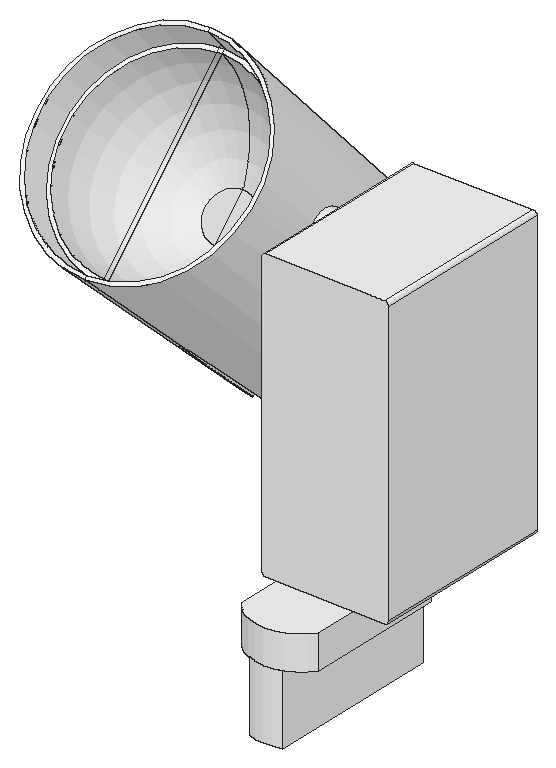
Revit family "0004860 Feilo Sylvania Lighting Fixture START TRACK SPOT S 14W 3K RA90 MB WHITE", category Lighting Fixtures, host Face, Revit 2017
Family settings
  Host = Face
  Round Connector Dimension = Use Diameter
  Part Type = Normal
  OmniClass Number = 23.80.70.00
  OmniClass Title = Lighting
  Cut with Voids When Loaded = No
  Light Source = No
  Shared = No
  Room Calculation Point = No
Parameters (values of type "0004860 START TRACK SPOT S 14W 3K RA90 MB WHITE")
  Weight = "0.94 kg"
  Wattage Comments = ""
  WarrantyStartDate [instance] = "n/a"
  WarrantyGuarantorParts = "n/a"
  WarrantyDurationUnit = "n/a"
  WarrantyDurationParts = "n/a"
  WarrantyDescription = "n/a"
  Voltage = 230 V
  URL = "http://www.sylvania-lighting.com"
  TypeName = "START TRACK SPOT S 14W 3K RA90 MB WHITE"
  TypeHead_FEILO = Start Track Spot Head : 0004860 START TRACK SPOT S 14W 3K RA90 MB WHITE
  TypeBox_FEILO = Start Track Spot Box : Type Small White
  Type Image = <None>
  Type Comments = "n/a"
  VerticalRotation_FEILO [instance] = 0.00°
  SlideEndAngle_FEILO [instance] = VerticalRotation_FEILO + 180.00°  # 180.00°
  SerialNumber [instance] = "n/a"
  Material_3_FEILO = none
  PowerFactor = 0.92
  PowerConsumption = "14 W"
  NominalLength = 0 mm
  NominalHeight = 200 mm
  NominalDepth = 140 mm
  Name = "START TRACK SPOT S 14W 3K RA90 MB WHITE"
  ModelReference = Name  # "START TRACK SPOT S 14W 3K RA90 MB WHITE"
  ModelNumber = "0004860"
  Model = Name  # "START TRACK SPOT S 14W 3K RA90 MB WHITE"
  Material = "adc12 aluminium housing, polycarbonate diffuser"
  ManufacturerName = "Feilo Sylvania"
  Manufacturer = "Feilo Sylvania"
  LuminousEfficacy = "90 lm/W"
  LuminaireType = ""
  LightOutputRatio = "100"
  LampsType = Lamp  # "LED"
  LampNominalLuminous = "1262 lm"
  LampMacAdamStep = "3"
  LampColourTemperature = "3000 K"
  LampColourRenderingIndex = "90"
  Lamp = "LED"
  Keynote = "16500"
  InstallationDate [instance] = "n/a"
  InputVoltage = "230-240V~"
  InputNominalFrequency = "50/60 Hz"
  IngressProtection = "IP20"
  ImpactProtectionIndex = "IK02"
  IfcExportType = "IfcLightFixtureType"
  IfcExportAs = "IfcLightFixtureType"
  HorizontalRotation_FEILO [instance] = 45.00°
  ExpectedLife = 50000
  ElectricShockClassification = "Class II"
  DurationUnit = "hours"
  DocumentationLiterature = "http://www.sylvania-lighting.com/product/en-int/products/0004860"
  DimmingControlOptions = "Non dimmable"
  Material_2_FEILO = none
  Description = "Integrated LED spotlight, Textured White - RAL9016, compact and minimalist design, ideal for retail applications, die-cast aluminium body, passive cooling heatsink. Beam angle: 36°, color temperature: 3000K , total system power: 14W, total fixture output: 1262 lm, LOR: 100%, colour rendering: Ra: 90 typical, LED Chromaticity: 3 step MacAdam ellipse, lifetime: >50000 hours at L70B50, energy class: A++, A+, A, IR/UV free light source without heat radiation, operating voltage: 220-240V / 50-60Hz, drive current: 350mA, electronic driver, non-dimmable, power factor: 0.92, electrical protection: Class II, Global Track 3 Phase adapter suitable for Global trac 3-circuit tracks, ingress protection rating: IP20, suitable for internal environment only, horizontal rotation: 355°, vertical tilt: 90°, dimensions: Ø86x140x200, weight: 0.940kg."
  Default Elevation = 1219.2 mm
  CreatedOn = "12/12/2017"
  CreatedBy = ""
  Cost = 0
  built-in parameter 1114216 [instance] = (empty or 0)
  ClassificationValue = "EF_70_80"
  ClassificationName = "Uniclass2015"
  Material_1_FEILO = Body-Sylvania-StartTrackSpot-White
  BarCode [instance] = "n/a"
  AssetType = "Fixed"
  AssetIdentifier [instance] = "n/a"
  Assembly Code = "D5020200"
  Apparent Load = 14 VA
  Material_4_FEILO = none
Reference planes
  plane 1 "Center (Front/Back)": y = 0
  plane 2: z = 0
  plane 3 "Center (Left/Right)": x = 0
  plane 4: x = 15
  plane 5: x = -15
  plane 6: y = 35
  plane 7: y = -35
  plane 8: z = 13
  plane 9: z = -27
  plane 10: x = 6.5
  plane 11: x = -6.5
  plane 12: y = 27
  plane 13: y = -27
  plane 14: y = 20
Forms (mm)
  Extrusion 1, solid, material "Body-Sylvania-StartTrackSpot-White" <- "Material_1_FEILO"
    sketch origin (0, 0, 0) x (1, 0, 0) y (0, 1, 0)
      loop
        line (-15, 27) -> (-15, -27)
        arc (-15, -27) -> (0, -35) -> (15, -27) r 18.062
        line (15, -27) -> (15, 27)
        arc (15, 27) -> (0, 35) -> (-15, 27) r 18.062
    from 0 to 13
  Extrusion 2, solid, material "Body-Sylvania-StartTrackSpot-White" <- "Material_1_FEILO"
    sketch origin (0, 0, 0) x (1, 0, 0) y (0, 1, 0)
      loop
        arc (6.5, 33.79) -> (0, 35) -> (-6.5, 33.79) r 18.062
        line (-6.5, 33.79) -> (-6.5, -33.79)
        arc (-6.5, -33.79) -> (0, -35) -> (6.5, -33.79) r 18.062
        line (6.5, -33.79) -> (6.5, 33.79)
    from 0 to -27
  Revolve 3, solid, not visible
    sketch origin (1524, 20, 1219.2) x (1, 0, 0) y (0, 0, 1)
      loop
        line (-1524, -1206.2) -> (-1524, -1191.285) -> (-1530.5, -1191.285) -> (-1530.5, -1206.2) -> (-1524, -1206.2)
      axis (-1524, -1191.285) -> (-1524, -1206.2)
    angle from 0 <- "VerticalRotation_FEILO" to 180 <- "SlideEndAngle_FEILO"
Cuts and joins
  joined: Extrusion 1, Extrusion 2
Dimensions and locks
  equal spacing: plane 10, plane 3 "Center (Left/Right)", plane 11
  equal spacing: plane 4, plane 3 "Center (Left/Right)", plane 5
  locked: plane 8 to plane 2 at 13
  locked: plane 8 to plane 9 at 40
  equal spacing: plane 13, plane 1 "Center (Front/Back)", plane 12
  locked: plane 12 to plane 6 at 8
  locked: plane 14 to plane 6 at 15
  locked: Revolve 3 sketch curve to plane 8 at 14.915
  aligned and locked: plane 2 to host face
  aligned and locked: level to host face
  aligned and locked: plane 5 to Extrusion 1 sketch curve  (x2)
  aligned and locked: plane 12 to Extrusion 1 sketch curve
  aligned and locked: plane 13 to Extrusion 1 sketch curve
  aligned and locked: plane 4 to Extrusion 1 sketch curve
  aligned and locked: Extrusion 1 to plane 8
  aligned and locked: Extrusion 1 to level
  aligned and locked: Extrusion 2 sketch curve to Extrusion 1  (x2)
  aligned and locked: Extrusion 2 sketch curve to plane 11
  aligned and locked: plane 10 to Extrusion 2 sketch curve
  aligned and locked: plane 9 to Extrusion 2
  aligned and locked: level to Extrusion 2
  aligned and locked: Revolve 3 sketch curve to plane 3 "Center (Left/Right)"  (x2)
  aligned and locked: plane 11 to Revolve 3 sketch curve
  aligned and locked: Revolve 3 sketch curve to plane 8
Automatic sketch dimensions
  host sketch curve to host sketch curve = 2438.4 mm  (x2)
  Extrusion 1 sketch curve to plane 3 "Center (Left/Right)" = 0 mm  (x2)
  Extrusion 1 sketch curve to plane 13 = 10.062 mm
  plane 12 to Extrusion 1 sketch curve = 10.062 mm
  Revolve 3 sketch curve to plane 3 "Center (Left/Right)" = 0 mm
  plane 9 to Revolve 3 sketch curve = 582.6 mm
  Revolve 3 sketch curve to Revolve 3 sketch curve = 2581.144 mm
Nested families
  nested 1: "Start Track Spot Head" at (-62, 20, 112.529) x (0, 0.7071, 0.7071) z (0, 0.7071, -0.7071), type <- "TypeHead_FEILO", type "0004860 START TRACK SPOT S 14W 3K RA90 MB WHITE"
    with built-in parameter 1114216 (empty or 0)
  nested 2: "Start Track Spot Box" at (8.5, 20, 73) x (-1, 0, 0) z (0, -1, 0), BoxStartAngle_FEILO <- "HorizontalRotation_FEILO", type <- "TypeBox_FEILO", type "Type Small White"
    with BoxStartAngle_FEILO 45.00°, BoxEndAngle_FEILO -135.00°
Connectors
  electrical at (0, 0, 0), driven by "Apparent Load", driven by "PowerFactor", driven by "Voltage"
    settings: index 1, voltage 230 V, apparent load 14 VA, apparent load phase1 0 VA, apparent load phase2 0 VA, apparent load phase3 0 VA, power factor 0.92, load classification "Lighting", number of poles 1, system type 30, power factor state 1, is connector primary yes, connector utility no, sub classification motor no, connector description ""
Definition of nested family "Start Track Spot Head"
  Parameters (values of type "0004811 START TRACK SPOT S 14W 3K RA80 NB WHITE")
    Wattage Comments = "n/a"
    Wattage = 14 W
    built-in parameter 1150110 = 1 (stored number, unit not read)
    URL = "http://www.feilosylvania.com"
    Type Image = (empty or 0)
    Type Comments = "n/a"
    built-in parameter 1114217 = 1 (stored number, unit not read)
    Tilt Angle = -90.00°
    built-in parameter 1150109 = 1 (stored number, unit not read)
    built-in parameter 1150134 = (empty or 0)
    built-in parameter 1150113 = 1 (stored number, unit not read)
    Photometric Web File = "0004811.ies"
    Material_3_FEILO = none
    Model = "START TRACK SPOT S 14W 3K RA80 NB WHITE"
    Manufacturer = "Feilo Sylvania"
    built-in parameter 1150105 = 123.66 (stored number, unit not read)
    Lumens = 1554 lm
    built-in parameter 1150115 = 1 (stored number, unit not read)
    built-in parameter 1150137 = (empty or 0)
    built-in parameter 1150139 = (empty or 0)
    built-in parameter 1150112 = 1 (stored number, unit not read)
    built-in parameter 1150114 = 1 (stored number, unit not read)
    Lamp = "LED"
    Keynote = "16500"
    Material_2_FEILO = none
    built-in parameter 1150132 = (empty or 0)
    built-in parameter 1150102 = (empty or 0)
    built-in parameter 1150107 = 3000 (stored number, unit not read)
    built-in parameter 1150138 = (empty or 0)
    built-in parameter 1150106 = 1.2366 (stored number, unit not read)
    HeadThickness_FEILO = if(HeadDiaOut_FEILO > 112 mm, 2 mm, 1.5 mm)  # 1.5 mm
    HeadRibOffset_FEILO = HeadHeight_FEILO / 28  # 4.179 mm
    HeadRibDepth_FEILO = HeadHeight_FEILO / 2.1  # 55.714 mm
    HeadRibCutWidth_FEILO = HeadDiaOut_FEILO / 12  # 7.167 mm
    HeadRibCutOffset_FEILO = HeadHeight_FEILO / 2.3  # 50.87 mm
    HeadReflectorRadius_FEILO = HeadDiaOut_FEILO / 1.7  # 50.588 mm
    HeadReflectorOffset_FEILO = HeadHeight_FEILO / 2.1  # 55.714 mm
    HeadLEDRadius_FEILO = HeadDiaOut_FEILO / 9  # 9.556 mm
    HeadHeight_FEILO = 117 mm
    HeadDraft_FEILO = 1 mm
    HeadDiffusorThickness_FEILO = 3 mm
    HeadDiffusorOffset_FEILO = HeadHeight_FEILO / 12.4  # 9.435 mm
    HeadDiaOut_FEILO = 86 mm
    HeadDiaIn_FEILO = HeadDiaOut_FEILO / 1.11  # 77.477 mm
    HeadAxisFromTop_FEILO = HeadHeight_FEILO / 1.687  # 69.354 mm
    Emit from Circle Diameter = HeadDiaIn_FEILO  # 77.477 mm
    Emit Shape Visible in Rendering = no
    built-in parameter 1150104 = 10.312 (stored number, unit not read)
    Dimming Lamp Color Temperature Shift = (empty or 0)
    Description = "Integrated LED spotlight, Textured White - RAL9016, compact and minimalist design, ideal for retail applications, die-cast aluminium body, passive cooling heatsink. Beam angle: 12°, color temperature: 3000K , total system power: 14W, total fixture output: 1551 lm, LOR: 100%, colour rendering: Ra: 80 typical, LED Chromaticity: 3 step MacAdam ellipse, lifetime: >50000 hours at L70B50, energy class: A++, A+, A, IR/UV free light source without heat radiation, operating voltage: 220-240V / 50-60Hz, drive current: 350mA, electronic driver, non-dimmable, power factor: 0.92, electrical protection: Class II, Global Track 3 Phase adapter suitable for Global trac 3-circuit tracks, ingress protection rating: IP20, suitable for internal environment only, horizontal rotation: 355°, vertical tilt: 90°, dimensions: Ø86x140x200, weight: 0.940kg."
    Default Elevation = 1219.2 mm
    Cost = 0
    Color Filter = 16777215
    built-in parameter 1114216 [instance] = (empty or 0)
    Material_1_FEILO = none
    built-in parameter 1114218 = 1 (stored number, unit not read)
    built-in parameter 1150133 = 10 (stored number, unit not read)
    Assembly Code = "D5020200"
    Apparent Load = 14 VA
    Material_4_FEILO = none
  Types (96, lengths in mm): name | Wattage | built-in parameter 1150134 | Photometric Web File | Model | built-in parameter 1150105 | Lumens | built-in parameter 1150107 | built-in parameter 1150106 | HeadThickness_FEILO | HeadRibOffset_FEILO | HeadRibDepth_FEILO | HeadRibCutWidth_FEILO | HeadRibCutOffset_FEILO | HeadReflectorRadius_FEILO | HeadReflectorOffset_FEILO | HeadLEDRadius_FEILO | HeadHeight_FEILO | HeadDiffusorOffset_FEILO | HeadDiaOut_FEILO | HeadDiaIn_FEILO | HeadAxisFromTop_FEILO | Emit from Circle Diameter | built-in parameter 1150104 | Description | Apparent Load
    0004906 START TRACK SPOT L 55W 4K RA90 WB BLACK | 55 W | 12 | "0004906.ies" | "START TRACK SPOT L 55W 4K RA90 WB BLACK" | 385.15 (stored number, unit not read) | 4840 lm | 4000 (stored number, unit not read) | 3.8515 (stored number, unit not read) | 2 | 4.429 | 59.048 | 9.417 | 53.913 | 66.471 | 59.048 | 12.556 | 124 | 10 | 113 | 101.802 | 73.503 | 101.802 | 8.1755 (stored number, unit not read) | "Integrated LED spotlight, Textured Black - RAL9005, compact and minimalist design, ideal for retail applications, die-cast aluminium body, passive cooling heatsink. Beam angle: 52°, color temperature: 4000K , total system power: 55W, total fixture output: 4824 lm, LOR: 100%, colour rendering: Ra: 90 typical, LED Chromaticity: 3 step MacAdam ellipse, lifetime: >50000 hours at L70B50, energy class: A++, A+, A, IR/UV free light source without heat radiation, operating voltage: 220-240V / 50-60Hz, drive current: 1400mA, electronic driver, non-dimmable, power factor: 0.96, electrical protection: Class II, Global Track 3 Phase adapter suitable for Global trac 3-circuit tracks, ingress protection rating: IP20, suitable for internal environment only, horizontal rotation: 355°, vertical tilt: 90°, dimensions: Ø113x164x240, weight: 1.398kg." | 55 VA
    0004905 START TRACK SPOT L 55W 4K RA90 MB BLACK | 55 W | 12 | "0004905.ies" | "START TRACK SPOT L 55W 4K RA90 MB BLACK" | 389.53 (stored number, unit not read) | 4895 lm | 4000 (stored number, unit not read) | 3.8953 (stored number, unit not read) | 2 | 4.429 | 59.048 | 9.417 | 53.913 | 66.471 | 59.048 | 12.556 | 124 | 10 | 113 | 101.802 | 73.503 | 101.802 | 8.2684 (stored number, unit not read) | "Integrated LED spotlight, Textured Black - RAL9005, compact and minimalist design, ideal for retail applications, die-cast aluminium body, passive cooling heatsink. Beam angle: 38°, color temperature: 4000K , total system power: 55W, total fixture output: 4897 lm, LOR: 100%, colour rendering: Ra: 90 typical, LED Chromaticity: 3 step MacAdam ellipse, lifetime: >50000 hours at L70B50, energy class: A++, A+, A, IR/UV free light source without heat radiation, operating voltage: 220-240V / 50-60Hz, drive current: 1400mA, electronic driver, non-dimmable, power factor: 0.96, electrical protection: Class II, Global Track 3 Phase adapter suitable for Global trac 3-circuit tracks, ingress protection rating: IP20, suitable for internal environment only, horizontal rotation: 355°, vertical tilt: 90°, dimensions: Ø113x164x240, weight: 1.398kg." | 55 VA
    0004904 START TRACK SPOT L 55W 4K RA90 NB BLACK | 55 W | 12 | "0004904.ies" | "START TRACK SPOT L 55W 4K RA90 NB BLACK" | 393.91 (stored number, unit not read) | 4950 lm | 4000 (stored number, unit not read) | 3.9391 (stored number, unit not read) | 2 | 4.429 | 59.048 | 9.417 | 53.913 | 66.471 | 59.048 | 12.556 | 124 | 10 | 113 | 101.802 | 73.503 | 101.802 | 8.3613 (stored number, unit not read) | "Integrated LED spotlight, Textured Black - RAL9005, compact and minimalist design, ideal for retail applications, die-cast aluminium body, passive cooling heatsink. Beam angle: 15°, color temperature: 4000K , total system power: 55W, total fixture output: 4965 lm, LOR: 100%, colour rendering: Ra: 90 typical, LED Chromaticity: 3 step MacAdam ellipse, lifetime: >50000 hours at L70B50, energy class: A++, A+, A, IR/UV free light source without heat radiation, operating voltage: 220-240V / 50-60Hz, drive current: 1400mA, electronic driver, non-dimmable, power factor: 0.96, electrical protection: Class II, Global Track 3 Phase adapter suitable for Global trac 3-circuit tracks, ingress protection rating: IP20, suitable for internal environment only, horizontal rotation: 355°, vertical tilt: 90°, dimensions: Ø113x164x240, weight: 1.398kg." | 55 VA
    0004903 START TRACK SPOT L 35W 4K RA90 WB BLACK | 35 W | 12 | "0004903.ies" | "START TRACK SPOT L 35W 4K RA90 WB BLACK" | 284.09 (stored number, unit not read) | 3570 lm | 4000 (stored number, unit not read) | 2.8409 (stored number, unit not read) | 2 | 4.429 | 59.048 | 9.417 | 53.913 | 66.471 | 59.048 | 12.556 | 124 | 10 | 113 | 101.802 | 73.503 | 101.802 | 9.4761 (stored number, unit not read) | "Integrated LED spotlight, Textured Black - RAL9005, compact and minimalist design, ideal for retail applications, die-cast aluminium body, passive cooling heatsink. Beam angle: 52°, color temperature: 4000K , total system power: 35W, total fixture output: 3562 lm, LOR: 100%, colour rendering: Ra: 90 typical, LED Chromaticity: 3 step MacAdam ellipse, lifetime: >50000 hours at L70B50, energy class: A++, A+, A, IR/UV free light source without heat radiation, operating voltage: 220-240V / 50-60Hz, drive current: 900mA, electronic driver, non-dimmable, power factor: 0.93, electrical protection: Class II, Global Track 3 Phase adapter suitable for Global trac 3-circuit tracks, ingress protection rating: IP20, suitable for internal environment only, horizontal rotation: 355°, vertical tilt: 90°, dimensions: Ø113x164x240, weight: 1.368kg." | 35 VA
    0004902 START TRACK SPOT L 35W 4K RA90 MB BLACK | 35 W | 12 | "0004902.ies" | "START TRACK SPOT L 35W 4K RA90 MB BLACK" | 286.88 (stored number, unit not read) | 3605 lm | 4000 (stored number, unit not read) | 2.8688 (stored number, unit not read) | 2 | 4.429 | 59.048 | 9.417 | 53.913 | 66.471 | 59.048 | 12.556 | 124 | 10 | 113 | 101.802 | 73.503 | 101.802 | 9.569 (stored number, unit not read) | "Integrated LED spotlight, Textured Black - RAL9005, compact and minimalist design, ideal for retail applications, die-cast aluminium body, passive cooling heatsink. Beam angle: 38°, color temperature: 4000K , total system power: 35W, total fixture output: 3616 lm, LOR: 100%, colour rendering: Ra: 90 typical, LED Chromaticity: 3 step MacAdam ellipse, lifetime: >50000 hours at L70B50, energy class: A++, A+, A, IR/UV free light source without heat radiation, operating voltage: 220-240V / 50-60Hz, drive current: 900mA, electronic driver, non-dimmable, power factor: 0.93, electrical protection: Class II, Global Track 3 Phase adapter suitable for Global trac 3-circuit tracks, ingress protection rating: IP20, suitable for internal environment only, horizontal rotation: 355°, vertical tilt: 90°, dimensions: Ø113x164x240, weight: 1.368kg." | 35 VA
    0004901 START TRACK SPOT L 35W 4K RA90 NB BLACK | 35 W | 12 | "0004901.ies" | "START TRACK SPOT L 35W 4K RA90 NB BLACK" | 286.88 (stored number, unit not read) | 3605 lm | 4000 (stored number, unit not read) | 2.8688 (stored number, unit not read) | 2 | 4.429 | 59.048 | 9.417 | 53.913 | 66.471 | 59.048 | 12.556 | 124 | 10 | 113 | 101.802 | 73.503 | 101.802 | 9.569 (stored number, unit not read) | "Integrated LED spotlight, Textured Black - RAL9005, compact and minimalist design, ideal for retail applications, die-cast aluminium body, passive cooling heatsink. Beam angle: 15°, color temperature: 4000K , total system power: 35W, total fixture output: 3593 lm, LOR: 100%, colour rendering: Ra: 90 typical, LED Chromaticity: 3 step MacAdam ellipse, lifetime: >50000 hours at L70B50, energy class: A++, A+, A, IR/UV free light source without heat radiation, operating voltage: 220-240V / 50-60Hz, drive current: 900mA, electronic driver, non-dimmable, power factor: 0.93, electrical protection: Class II, Global Track 3 Phase adapter suitable for Global trac 3-circuit tracks, ingress protection rating: IP20, suitable for internal environment only, horizontal rotation: 355°, vertical tilt: 90°, dimensions: Ø113x164x240, weight: 1.368kg." | 35 VA
    0004900 START TRACK SPOT S 24W 4K RA90 WB BLACK | 24 W | 12 | "0004900.ies" | "START TRACK SPOT S 24W 4K RA90 WB BLACK" | 166.16 (stored number, unit not read) | 2088 lm | 4000 (stored number, unit not read) | 1.6616 (stored number, unit not read) | 1.5 | 4.179 | 55.714 | 7.167 | 50.87 | 50.588 | 55.714 | 9.556 | 117 | 9.435 | 86 | 77.477 | 69.354 | 77.477 | 8.0826 (stored number, unit not read) | "Integrated LED spotlight, Textured Black - RAL9005, compact and minimalist design, ideal for retail applications, die-cast aluminium body, passive cooling heatsink. Beam angle: 64°, color temperature: 4000K , total system power: 24W, total fixture output: 2087 lm, LOR: 100%, colour rendering: Ra: 90 typical, LED Chromaticity: 3 step MacAdam ellipse, lifetime: >50000 hours at L70B50, energy class: A++, A+, A, IR/UV free light source without heat radiation, operating voltage: 220-240V / 50-60Hz, drive current: 600mA, electronic driver, non-dimmable, power factor: 0.95, electrical protection: Class II, Global Track 3 Phase adapter suitable for Global trac 3-circuit tracks, ingress protection rating: IP20, suitable for internal environment only, horizontal rotation: 355°, vertical tilt: 90°, dimensions: Ø86x140x200, weight: 0.966kg." | 24 VA
    0004899 START TRACK SPOT S 24W 4K RA90 MB BLACK | 24 W | 12 | "0004899.ies" | "START TRACK SPOT S 24W 4K RA90 MB BLACK" | 169.98 (stored number, unit not read) | 2136 lm | 4000 (stored number, unit not read) | 1.6998 (stored number, unit not read) | 1.5 | 4.179 | 55.714 | 7.167 | 50.87 | 50.588 | 55.714 | 9.556 | 117 | 9.435 | 86 | 77.477 | 69.354 | 77.477 | 8.2684 (stored number, unit not read) | "Integrated LED spotlight, Textured Black - RAL9005, compact and minimalist design, ideal for retail applications, die-cast aluminium body, passive cooling heatsink. Beam angle: 36°, color temperature: 4000K , total system power: 24W, total fixture output: 2141 lm, LOR: 100%, colour rendering: Ra: 90 typical, LED Chromaticity: 3 step MacAdam ellipse, lifetime: >50000 hours at L70B50, energy class: A++, A+, A, IR/UV free light source without heat radiation, operating voltage: 220-240V / 50-60Hz, drive current: 600mA, electronic driver, non-dimmable, power factor: 0.95, electrical protection: Class II, Global Track 3 Phase adapter suitable for Global trac 3-circuit tracks, ingress protection rating: IP20, suitable for internal environment only, horizontal rotation: 355°, vertical tilt: 90°, dimensions: Ø86x140x200, weight: 0.966kg." | 24 VA
    0004898 START TRACK SPOT S 24W 4K RA90 NB BLACK | 24 W | 12 | "0004898.ies" | "START TRACK SPOT S 24W 4K RA90 NB BLACK" | 171.89 (stored number, unit not read) | 2160 lm | 4000 (stored number, unit not read) | 1.7189 (stored number, unit not read) | 1.5 | 4.179 | 55.714 | 7.167 | 50.87 | 50.588 | 55.714 | 9.556 | 117 | 9.435 | 86 | 77.477 | 69.354 | 77.477 | 8.3613 (stored number, unit not read) | "Integrated LED spotlight, Textured Black - RAL9005, compact and minimalist design, ideal for retail applications, die-cast aluminium body, passive cooling heatsink. Beam angle: 12°, color temperature: 4000K , total system power: 24W, total fixture output: 2155 lm, LOR: 100%, colour rendering: Ra: 90 typical, LED Chromaticity: 3 step MacAdam ellipse, lifetime: >50000 hours at L70B50, energy class: A++, A+, A, IR/UV free light source without heat radiation, operating voltage: 220-240V / 50-60Hz, drive current: 600mA, electronic driver, non-dimmable, power factor: 0.95, electrical protection: Class II, Global Track 3 Phase adapter suitable for Global trac 3-circuit tracks, ingress protection rating: IP20, suitable for internal environment only, horizontal rotation: 355°, vertical tilt: 90°, dimensions: Ø86x140x200, weight: 0.966kg." | 24 VA
    0004897 START TRACK SPOT S 14W 4K RA90 WB BLACK | 14 W | 12 | "0004897.ies" | "START TRACK SPOT S 14W 4K RA90 WB BLACK" | 108.07 (stored number, unit not read) | 1358 lm | 4000 (stored number, unit not read) | 1.0807 (stored number, unit not read) | 1.5 | 4.179 | 55.714 | 7.167 | 50.87 | 50.588 | 55.714 | 9.556 | 117 | 9.435 | 86 | 77.477 | 69.354 | 77.477 | 9.0116 (stored number, unit not read) | "Integrated LED spotlight, Textured Black - RAL9005, compact and minimalist design, ideal for retail applications, die-cast aluminium body, passive cooling heatsink. Beam angle: 64°, color temperature: 4000K , total system power: 14W, total fixture output: 1352 lm, LOR: 100%, colour rendering: Ra: 90 typical, LED Chromaticity: 3 step MacAdam ellipse, lifetime: >50000 hours at L70B50, energy class: A++, A+, A, IR/UV free light source without heat radiation, operating voltage: 220-240V / 50-60Hz, drive current: 350mA, electronic driver, non-dimmable, power factor: 0.92, electrical protection: Class II, Global Track 3 Phase adapter suitable for Global trac 3-circuit tracks, ingress protection rating: IP20, suitable for internal environment only, horizontal rotation: 355°, vertical tilt: 90°, dimensions: Ø86x140x200, weight: 0.940kg." | 14 VA
    0004896 START TRACK SPOT S 14W 4K RA90 MB BLACK | 14 W | 12 | "0004896.ies" | "START TRACK SPOT S 14W 4K RA90 MB BLACK" | 108.07 (stored number, unit not read) | 1358 lm | 4000 (stored number, unit not read) | 1.0807 (stored number, unit not read) | 1.5 | 4.179 | 55.714 | 7.167 | 50.87 | 50.588 | 55.714 | 9.556 | 117 | 9.435 | 86 | 77.477 | 69.354 | 77.477 | 9.0116 (stored number, unit not read) | "Integrated LED spotlight, Textured Black - RAL9005, compact and minimalist design, ideal for retail applications, die-cast aluminium body, passive cooling heatsink. Beam angle: 36°, color temperature: 4000K , total system power: 14W, total fixture output: 1359 lm, LOR: 100%, colour rendering: Ra: 90 typical, LED Chromaticity: 3 step MacAdam ellipse, lifetime: >50000 hours at L70B50, energy class: A++, A+, A, IR/UV free light source without heat radiation, operating voltage: 220-240V / 50-60Hz, drive current: 350mA, electronic driver, non-dimmable, power factor: 0.92, electrical protection: Class II, Global Track 3 Phase adapter suitable for Global trac 3-circuit tracks, ingress protection rating: IP20, suitable for internal environment only, horizontal rotation: 355°, vertical tilt: 90°, dimensions: Ø86x140x200, weight: 0.940kg." | 14 VA
    0004895 START TRACK SPOT S 14W 4K RA90 NB BLACK | 14 W | 12 | "0004895.ies" | "START TRACK SPOT S 14W 4K RA90 NB BLACK" | 106.95 (stored number, unit not read) | 1344 lm | 4000 (stored number, unit not read) | 1.0695 (stored number, unit not read) | 1.5 | 4.179 | 55.714 | 7.167 | 50.87 | 50.588 | 55.714 | 9.556 | 117 | 9.435 | 86 | 77.477 | 69.354 | 77.477 | 8.9187 (stored number, unit not read) | "Integrated LED spotlight, Textured Black - RAL9005, compact and minimalist design, ideal for retail applications, die-cast aluminium body, passive cooling heatsink. Beam angle: 12°, color temperature: 4000K , total system power: 14W, total fixture output: 1349 lm, LOR: 100%, colour rendering: Ra: 90 typical, LED Chromaticity: 3 step MacAdam ellipse, lifetime: >50000 hours at L70B50, energy class: A++, A+, A, IR/UV free light source without heat radiation, operating voltage: 220-240V / 50-60Hz, drive current: 350mA, electronic driver, non-dimmable, power factor: 0.92, electrical protection: Class II, Global Track 3 Phase adapter suitable for Global trac 3-circuit tracks, ingress protection rating: IP20, suitable for internal environment only, horizontal rotation: 355°, vertical tilt: 90°, dimensions: Ø86x140x200, weight: 0.940kg." | 14 VA
    0004894 START TRACK SPOT L 55W 3K RA90 WB BLACK | 55 W | (empty or 0) | "0004894.ies" | "START TRACK SPOT L 55W 3K RA90 WB BLACK" | 350.14 (stored number, unit not read) | 4400 lm | 3000 (stored number, unit not read) | 3.5014 (stored number, unit not read) | 2 | 4.429 | 59.048 | 9.417 | 53.913 | 66.471 | 59.048 | 12.556 | 124 | 10 | 113 | 101.802 | 73.503 | 101.802 | 7.4322 (stored number, unit not read) | "Integrated LED spotlight, Textured Black - RAL9005, compact and minimalist design, ideal for retail applications, die-cast aluminium body, passive cooling heatsink. Beam angle: 52°, color temperature: 3000K , total system power: 55W, total fixture output: 4405 lm, LOR: 100%, colour rendering: Ra: 90 typical, LED Chromaticity: 3 step MacAdam ellipse, lifetime: >50000 hours at L70B50, energy class: A++, A+, A, IR/UV free light source without heat radiation, operating voltage: 220-240V / 50-60Hz, drive current: 1400mA, electronic driver, non-dimmable, power factor: 0.96, electrical protection: Class II, Global Track 3 Phase adapter suitable for Global trac 3-circuit tracks, ingress protection rating: IP20, suitable for internal environment only, horizontal rotation: 355°, vertical tilt: 90°, dimensions: Ø113x164x240, weight: 1.398kg." | 55 VA
    0004893 START TRACK SPOT L 55W 3K RA90 MB BLACK | 55 W | (empty or 0) | "0004893.ies" | "START TRACK SPOT L 55W 3K RA90 MB BLACK" | 354.52 (stored number, unit not read) | 4455 lm | 3000 (stored number, unit not read) | 3.5452 (stored number, unit not read) | 2 | 4.429 | 59.048 | 9.417 | 53.913 | 66.471 | 59.048 | 12.556 | 124 | 10 | 113 | 101.802 | 73.503 | 101.802 | 7.5251 (stored number, unit not read) | "Integrated LED spotlight, Textured Black - RAL9005, compact and minimalist design, ideal for retail applications, die-cast aluminium body, passive cooling heatsink. Beam angle: 38°, color temperature: 3000K , total system power: 55W, total fixture output: 4448 lm, LOR: 100%, colour rendering: Ra: 90 typical, LED Chromaticity: 3 step MacAdam ellipse, lifetime: >50000 hours at L70B50, energy class: A++, A+, A, IR/UV free light source without heat radiation, operating voltage: 220-240V / 50-60Hz, drive current: 1400mA, electronic driver, non-dimmable, power factor: 0.96, electrical protection: Class II, Global Track 3 Phase adapter suitable for Global trac 3-circuit tracks, ingress protection rating: IP20, suitable for internal environment only, horizontal rotation: 355°, vertical tilt: 90°, dimensions: Ø113x164x240, weight: 1.398kg." | 55 VA
    0004892 START TRACK SPOT L 55W 3K RA90 NB BLACK | 55 W | (empty or 0) | "0004892.ies" | "START TRACK SPOT L 55W 3K RA90 NB BLACK" | 350.14 (stored number, unit not read) | 4400 lm | 3000 (stored number, unit not read) | 3.5014 (stored number, unit not read) | 2 | 4.429 | 59.048 | 9.417 | 53.913 | 66.471 | 59.048 | 12.556 | 124 | 10 | 113 | 101.802 | 73.503 | 101.802 | 7.4322 (stored number, unit not read) | "Integrated LED spotlight, Textured Black - RAL9005, compact and minimalist design, ideal for retail applications, die-cast aluminium body, passive cooling heatsink. Beam angle: 15°, color temperature: 3000K , total system power: 55W, total fixture output: 4416 lm, LOR: 100%, colour rendering: Ra: 90 typical, LED Chromaticity: 3 step MacAdam ellipse, lifetime: >50000 hours at L70B50, energy class: A++, A+, A, IR/UV free light source without heat radiation, operating voltage: 220-240V / 50-60Hz, drive current: 1400mA, electronic driver, non-dimmable, power factor: 0.96, electrical protection: Class II, Global Track 3 Phase adapter suitable for Global trac 3-circuit tracks, ingress protection rating: IP20, suitable for internal environment only, horizontal rotation: 355°, vertical tilt: 90°, dimensions: Ø113x164x240, weight: 1.398kg." | 55 VA
    0004891 START TRACK SPOT L 35W 3K RA90 WB BLACK | 35 W | (empty or 0) | "0004891.ies" | "START TRACK SPOT L 35W 3K RA90 WB BLACK" | 259.02 (stored number, unit not read) | 3255 lm | 3000 (stored number, unit not read) | 2.5902 (stored number, unit not read) | 2 | 4.429 | 59.048 | 9.417 | 53.913 | 66.471 | 59.048 | 12.556 | 124 | 10 | 113 | 101.802 | 73.503 | 101.802 | 8.64 (stored number, unit not read) | "Integrated LED spotlight, Textured Black - RAL9005, compact and minimalist design, ideal for retail applications, die-cast aluminium body, passive cooling heatsink. Beam angle: 52°, color temperature: 3000K , total system power: 35W, total fixture output: 3260 lm, LOR: 100%, colour rendering: Ra: 90 typical, LED Chromaticity: 3 step MacAdam ellipse, lifetime: >50000 hours at L70B50, energy class: A++, A+, A, IR/UV free light source without heat radiation, operating voltage: 220-240V / 50-60Hz, drive current: 900mA, electronic driver, non-dimmable, power factor: 0.93, electrical protection: Class II, Global Track 3 Phase adapter suitable for Global trac 3-circuit tracks, ingress protection rating: IP20, suitable for internal environment only, horizontal rotation: 355°, vertical tilt: 90°, dimensions: Ø113x164x240, weight: 1.368kg." | 35 VA
    0004890 START TRACK SPOT L 35W 3K RA90 MB BLACK | 35 W | (empty or 0) | "0004890.ies" | "START TRACK SPOT L 35W 3K RA90 MB BLACK" | 261.81 (stored number, unit not read) | 3290 lm | 3000 (stored number, unit not read) | 2.6181 (stored number, unit not read) | 2 | 4.429 | 59.048 | 9.417 | 53.913 | 66.471 | 59.048 | 12.556 | 124 | 10 | 113 | 101.802 | 73.503 | 101.802 | 8.7329 (stored number, unit not read) | "Integrated LED spotlight, Textured Black - RAL9005, compact and minimalist design, ideal for retail applications, die-cast aluminium body, passive cooling heatsink. Beam angle: 38°, color temperature: 3000K , total system power: 35W, total fixture output: 3306 lm, LOR: 100%, colour rendering: Ra: 90 typical, LED Chromaticity: 3 step MacAdam ellipse, lifetime: >50000 hours at L70B50, energy class: A++, A+, A, IR/UV free light source without heat radiation, operating voltage: 220-240V / 50-60Hz, drive current: 900mA, electronic driver, non-dimmable, power factor: 0.93, electrical protection: Class II, Global Track 3 Phase adapter suitable for Global trac 3-circuit tracks, ingress protection rating: IP20, suitable for internal environment only, horizontal rotation: 355°, vertical tilt: 90°, dimensions: Ø113x164x240, weight: 1.368kg." | 35 VA
    0004889 START TRACK SPOT L 35W 3K RA90 NB BLACK | 35 W | (empty or 0) | "0004889.ies" | "START TRACK SPOT L 35W 3K RA90 NB BLACK" | 261.81 (stored number, unit not read) | 3290 lm | 3000 (stored number, unit not read) | 2.6181 (stored number, unit not read) | 2 | 4.429 | 59.048 | 9.417 | 53.913 | 66.471 | 59.048 | 12.556 | 124 | 10 | 113 | 101.802 | 73.503 | 101.802 | 8.7329 (stored number, unit not read) | "Integrated LED spotlight, Textured Black - RAL9005, compact and minimalist design, ideal for retail applications, die-cast aluminium body, passive cooling heatsink. Beam angle: 15°, color temperature: 3000K , total system power: 35W, total fixture output: 3287 lm, LOR: 100%, colour rendering: Ra: 90 typical, LED Chromaticity: 3 step MacAdam ellipse, lifetime: >50000 hours at L70B50, energy class: A++, A+, A, IR/UV free light source without heat radiation, operating voltage: 220-240V / 50-60Hz, drive current: 900mA, electronic driver, non-dimmable, power factor: 0.93, electrical protection: Class II, Global Track 3 Phase adapter suitable for Global trac 3-circuit tracks, ingress protection rating: IP20, suitable for internal environment only, horizontal rotation: 355°, vertical tilt: 90°, dimensions: Ø113x164x240, weight: 1.368kg." | 35 VA
    0004888 START TRACK SPOT S 24W 3K RA90 WB BLACK | 24 W | (empty or 0) | "0004888.ies" | "START TRACK SPOT S 24W 3K RA90 WB BLACK" | 152.79 (stored number, unit not read) | 1920 lm | 3000 (stored number, unit not read) | 1.5279 (stored number, unit not read) | 1.5 | 4.179 | 55.714 | 7.167 | 50.87 | 50.588 | 55.714 | 9.556 | 117 | 9.435 | 86 | 77.477 | 69.354 | 77.477 | 7.4322 (stored number, unit not read) | "Integrated LED spotlight, Textured Black - RAL9005, compact and minimalist design, ideal for retail applications, die-cast aluminium body, passive cooling heatsink. Beam angle: 64°, color temperature: 3000K , total system power: 24W, total fixture output: 1928 lm, LOR: 100%, colour rendering: Ra: 90 typical, LED Chromaticity: 3 step MacAdam ellipse, lifetime: >50000 hours at L70B50, energy class: A++, A+, A, IR/UV free light source without heat radiation, operating voltage: 220-240V / 50-60Hz, drive current: 600mA, electronic driver, non-dimmable, power factor: 0.95, electrical protection: Class II, Global Track 3 Phase adapter suitable for Global trac 3-circuit tracks, ingress protection rating: IP20, suitable for internal environment only, horizontal rotation: 355°, vertical tilt: 90°, dimensions: Ø86x140x200, weight: 0.966kg." | 24 VA
    0004887 START TRACK SPOT S 24W 3K RA90 MB BLACK | 24 W | (empty or 0) | "0004887.ies" | "START TRACK SPOT S 24W 3K RA90 MB BLACK" | 154.7 (stored number, unit not read) | 1944 lm | 3000 (stored number, unit not read) | 1.547 (stored number, unit not read) | 1.5 | 4.179 | 55.714 | 7.167 | 50.87 | 50.588 | 55.714 | 9.556 | 117 | 9.435 | 86 | 77.477 | 69.354 | 77.477 | 7.5251 (stored number, unit not read) | "Integrated LED spotlight, Textured Black - RAL9005, compact and minimalist design, ideal for retail applications, die-cast aluminium body, passive cooling heatsink. Beam angle: 36°, color temperature: 3000K , total system power: 24W, total fixture output: 1944 lm, LOR: 100%, colour rendering: Ra: 90 typical, LED Chromaticity: 3 step MacAdam ellipse, lifetime: >50000 hours at L70B50, energy class: A++, A+, A, IR/UV free light source without heat radiation, operating voltage: 220-240V / 50-60Hz, drive current: 600mA, electronic driver, non-dimmable, power factor: 0.95, electrical protection: Class II, Global Track 3 Phase adapter suitable for Global trac 3-circuit tracks, ingress protection rating: IP20, suitable for internal environment only, horizontal rotation: 355°, vertical tilt: 90°, dimensions: Ø86x140x200, weight: 0.966kg." | 24 VA
    0004886 START TRACK SPOT S 24W 3K RA90 NB BLACK | 24 W | (empty or 0) | "0004886.ies" | "START TRACK SPOT S 24W 3K RA90 NB BLACK" | 158.52 (stored number, unit not read) | 1992 lm | 3000 (stored number, unit not read) | 1.5852 (stored number, unit not read) | 1.5 | 4.179 | 55.714 | 7.167 | 50.87 | 50.588 | 55.714 | 9.556 | 117 | 9.435 | 86 | 77.477 | 69.354 | 77.477 | 7.711 (stored number, unit not read) | "Integrated LED spotlight, Textured Black - RAL9005, compact and minimalist design, ideal for retail applications, die-cast aluminium body, passive cooling heatsink. Beam angle: 12°, color temperature: 3000K , total system power: 24W, total fixture output: 1987 lm, LOR: 100%, colour rendering: Ra: 90 typical, LED Chromaticity: 3 step MacAdam ellipse, lifetime: >50000 hours at L70B50, energy class: A++, A+, A, IR/UV free light source without heat radiation, operating voltage: 220-240V / 50-60Hz, drive current: 600mA, electronic driver, non-dimmable, power factor: 0.95, electrical protection: Class II, Global Track 3 Phase adapter suitable for Global trac 3-circuit tracks, ingress protection rating: IP20, suitable for internal environment only, horizontal rotation: 355°, vertical tilt: 90°, dimensions: Ø86x140x200, weight: 0.966kg." | 24 VA
    0004885 START TRACK SPOT S 14W 3K RA90 WB BLACK | 14 W | (empty or 0) | "0004885.ies" | "START TRACK SPOT S 14W 3K RA90 WB BLACK" | 100.27 (stored number, unit not read) | 1260 lm | 3000 (stored number, unit not read) | 1.0027 (stored number, unit not read) | 1.5 | 4.179 | 55.714 | 7.167 | 50.87 | 50.588 | 55.714 | 9.556 | 117 | 9.435 | 86 | 77.477 | 69.354 | 77.477 | 8.3613 (stored number, unit not read) | "Integrated LED spotlight, Textured Black - RAL9005, compact and minimalist design, ideal for retail applications, die-cast aluminium body, passive cooling heatsink. Beam angle: 64°, color temperature: 3000K , total system power: 14W, total fixture output: 1262 lm, LOR: 100%, colour rendering: Ra: 90 typical, LED Chromaticity: 3 step MacAdam ellipse, lifetime: >50000 hours at L70B50, energy class: A++, A+, A, IR/UV free light source without heat radiation, operating voltage: 220-240V / 50-60Hz, drive current: 350mA, electronic driver, non-dimmable, power factor: 0.92, electrical protection: Class II, Global Track 3 Phase adapter suitable for Global trac 3-circuit tracks, ingress protection rating: IP20, suitable for internal environment only, horizontal rotation: 355°, vertical tilt: 90°, dimensions: Ø86x140x200, weight: 0.940kg." | 14 VA
    0004884 START TRACK SPOT S 14W 3K RA90 MB BLACK | 14 W | (empty or 0) | "0004884.ies" | "START TRACK SPOT S 14W 3K RA90 MB BLACK" | 100.27 (stored number, unit not read) | 1260 lm | 3000 (stored number, unit not read) | 1.0027 (stored number, unit not read) | 1.5 | 4.179 | 55.714 | 7.167 | 50.87 | 50.588 | 55.714 | 9.556 | 117 | 9.435 | 86 | 77.477 | 69.354 | 77.477 | 8.3613 (stored number, unit not read) | "Integrated LED spotlight, Textured Black - RAL9005, compact and minimalist design, ideal for retail applications, die-cast aluminium body, passive cooling heatsink. Beam angle: 36°, color temperature: 3000K , total system power: 14W, total fixture output: 1262 lm, LOR: 100%, colour rendering: Ra: 90 typical, LED Chromaticity: 3 step MacAdam ellipse, lifetime: >50000 hours at L70B50, energy class: A++, A+, A, IR/UV free light source without heat radiation, operating voltage: 220-240V / 50-60Hz, drive current: 350mA, electronic driver, non-dimmable, power factor: 0.92, electrical protection: Class II, Global Track 3 Phase adapter suitable for Global trac 3-circuit tracks, ingress protection rating: IP20, suitable for internal environment only, horizontal rotation: 355°, vertical tilt: 90°, dimensions: Ø86x140x200, weight: 0.940kg." | 14 VA
    0004883 START TRACK SPOT S 14W 3K RA90 NB BLACK | 14 W | (empty or 0) | "0004883.ies" | "START TRACK SPOT S 14W 3K RA90 NB BLACK" | 102.5 (stored number, unit not read) | 1288 lm | 3000 (stored number, unit not read) | 1.025 (stored number, unit not read) | 1.5 | 4.179 | 55.714 | 7.167 | 50.87 | 50.588 | 55.714 | 9.556 | 117 | 9.435 | 86 | 77.477 | 69.354 | 77.477 | 8.5471 (stored number, unit not read) | "Integrated LED spotlight, Textured Black - RAL9005, compact and minimalist design, ideal for retail applications, die-cast aluminium body, passive cooling heatsink. Beam angle: 12°, color temperature: 3000K , total system power: 14W, total fixture output: 1284 lm, LOR: 100%, colour rendering: Ra: 90 typical, LED Chromaticity: 3 step MacAdam ellipse, lifetime: >50000 hours at L70B50, energy class: A++, A+, A, IR/UV free light source without heat radiation, operating voltage: 220-240V / 50-60Hz, drive current: 350mA, electronic driver, non-dimmable, power factor: 0.92, electrical protection: Class II, Global Track 3 Phase adapter suitable for Global trac 3-circuit tracks, ingress protection rating: IP20, suitable for internal environment only, horizontal rotation: 355°, vertical tilt: 90°, dimensions: Ø86x140x200, weight: 0.940kg." | 14 VA
    0004882 START TRACK SPOT L 55W 4K RA90 WB WHITE | 55 W | 12 | "0004882.ies" | "START TRACK SPOT L 55W 4K RA90 WB WHITE" | 385.15 (stored number, unit not read) | 4840 lm | 4000 (stored number, unit not read) | 3.8515 (stored number, unit not read) | 2 | 4.429 | 59.048 | 9.417 | 53.913 | 66.471 | 59.048 | 12.556 | 124 | 10 | 113 | 101.802 | 73.503 | 101.802 | 8.1755 (stored number, unit not read) | "Integrated LED spotlight, Textured White - RAL9016, compact and minimalist design, ideal for retail applications, die-cast aluminium body, passive cooling heatsink. Beam angle: 52°, color temperature: 4000K , total system power: 55W, total fixture output: 4824 lm, LOR: 100%, colour rendering: Ra: 90 typical, LED Chromaticity: 3 step MacAdam ellipse, lifetime: >50000 hours at L70B50, energy class: A++, A+, A, IR/UV free light source without heat radiation, operating voltage: 220-240V / 50-60Hz, drive current: 1400mA, electronic driver, non-dimmable, power factor: 0.96, electrical protection: Class II, Global Track 3 Phase adapter suitable for Global trac 3-circuit tracks, ingress protection rating: IP20, suitable for internal environment only, horizontal rotation: 355°, vertical tilt: 90°, dimensions: Ø113x164x240, weight: 1.398kg." | 55 VA
    0004881 START TRACK SPOT L 55W 4K RA90 MB WHITE | 55 W | 12 | "0004881.ies" | "START TRACK SPOT L 55W 4K RA90 MB WHITE" | 389.53 (stored number, unit not read) | 4895 lm | 4000 (stored number, unit not read) | 3.8953 (stored number, unit not read) | 2 | 4.429 | 59.048 | 9.417 | 53.913 | 66.471 | 59.048 | 12.556 | 124 | 10 | 113 | 101.802 | 73.503 | 101.802 | 8.2684 (stored number, unit not read) | "Integrated LED spotlight, Textured White - RAL9016, compact and minimalist design, ideal for retail applications, die-cast aluminium body, passive cooling heatsink. Beam angle: 38°, color temperature: 4000K , total system power: 55W, total fixture output: 4897 lm, LOR: 100%, colour rendering: Ra: 90 typical, LED Chromaticity: 3 step MacAdam ellipse, lifetime: >50000 hours at L70B50, energy class: A++, A+, A, IR/UV free light source without heat radiation, operating voltage: 220-240V / 50-60Hz, drive current: 1400mA, electronic driver, non-dimmable, power factor: 0.96, electrical protection: Class II, Global Track 3 Phase adapter suitable for Global trac 3-circuit tracks, ingress protection rating: IP20, suitable for internal environment only, horizontal rotation: 355°, vertical tilt: 90°, dimensions: Ø113x164x240, weight: 1.398kg." | 55 VA
    0004880 START TRACK SPOT L 55W 4K RA90 NB WHITE | 55 W | 12 | "0004880.ies" | "START TRACK SPOT L 55W 4K RA90 NB WHITE" | 393.91 (stored number, unit not read) | 4950 lm | 4000 (stored number, unit not read) | 3.9391 (stored number, unit not read) | 2 | 4.429 | 59.048 | 9.417 | 53.913 | 66.471 | 59.048 | 12.556 | 124 | 10 | 113 | 101.802 | 73.503 | 101.802 | 8.3613 (stored number, unit not read) | "Integrated LED spotlight, Textured White - RAL9016, compact and minimalist design, ideal for retail applications, die-cast aluminium body, passive cooling heatsink. Beam angle: 15°, color temperature: 4000K , total system power: 55W, total fixture output: 4965 lm, LOR: 100%, colour rendering: Ra: 90 typical, LED Chromaticity: 3 step MacAdam ellipse, lifetime: >50000 hours at L70B50, energy class: A++, A+, A, IR/UV free light source without heat radiation, operating voltage: 220-240V / 50-60Hz, drive current: 1400mA, electronic driver, non-dimmable, power factor: 0.96, electrical protection: Class II, Global Track 3 Phase adapter suitable for Global trac 3-circuit tracks, ingress protection rating: IP20, suitable for internal environment only, horizontal rotation: 355°, vertical tilt: 90°, dimensions: Ø113x164x240, weight: 1.398kg." | 55 VA
    0004879 START TRACK SPOT L 35W 4K RA90 WB WHITE | 35 W | 12 | "0004879.ies" | "START TRACK SPOT L 35W 4K RA90 WB WHITE" | 284.09 (stored number, unit not read) | 3570 lm | 4000 (stored number, unit not read) | 2.8409 (stored number, unit not read) | 2 | 4.429 | 59.048 | 9.417 | 53.913 | 66.471 | 59.048 | 12.556 | 124 | 10 | 113 | 101.802 | 73.503 | 101.802 | 9.4761 (stored number, unit not read) | "Integrated LED spotlight, Textured White - RAL9016, compact and minimalist design, ideal for retail applications, die-cast aluminium body, passive cooling heatsink. Beam angle: 52°, color temperature: 4000K , total system power: 35W, total fixture output: 3562 lm, LOR: 100%, colour rendering: Ra: 90 typical, LED Chromaticity: 3 step MacAdam ellipse, lifetime: >50000 hours at L70B50, energy class: A++, A+, A, IR/UV free light source without heat radiation, operating voltage: 220-240V / 50-60Hz, drive current: 900mA, electronic driver, non-dimmable, power factor: 0.93, electrical protection: Class II, Global Track 3 Phase adapter suitable for Global trac 3-circuit tracks, ingress protection rating: IP20, suitable for internal environment only, horizontal rotation: 355°, vertical tilt: 90°, dimensions: Ø113x164x240, weight: 1.368kg." | 35 VA
    0004878 START TRACK SPOT L 35W 4K RA90 MB WHITE | 35 W | 12 | "0004878.ies" | "START TRACK SPOT L 35W 4K RA90 MB WHITE" | 286.88 (stored number, unit not read) | 3605 lm | 4000 (stored number, unit not read) | 2.8688 (stored number, unit not read) | 2 | 4.429 | 59.048 | 9.417 | 53.913 | 66.471 | 59.048 | 12.556 | 124 | 10 | 113 | 101.802 | 73.503 | 101.802 | 9.569 (stored number, unit not read) | "Integrated LED spotlight, Textured White - RAL9016, compact and minimalist design, ideal for retail applications, die-cast aluminium body, passive cooling heatsink. Beam angle: 38°, color temperature: 4000K , total system power: 35W, total fixture output: 3616 lm, LOR: 100%, colour rendering: Ra: 90 typical, LED Chromaticity: 3 step MacAdam ellipse, lifetime: >50000 hours at L70B50, energy class: A++, A+, A, IR/UV free light source without heat radiation, operating voltage: 220-240V / 50-60Hz, drive current: 900mA, electronic driver, non-dimmable, power factor: 0.93, electrical protection: Class II, Global Track 3 Phase adapter suitable for Global trac 3-circuit tracks, ingress protection rating: IP20, suitable for internal environment only, horizontal rotation: 355°, vertical tilt: 90°, dimensions: Ø113x164x240, weight: 1.368kg." | 35 VA
    0004877 START TRACK SPOT L 35W 4K RA90 NB WHITE | 35 W | 12 | "0004877.ies" | "START TRACK SPOT L 35W 4K RA90 NB WHITE" | 286.88 (stored number, unit not read) | 3605 lm | 4000 (stored number, unit not read) | 2.8688 (stored number, unit not read) | 2 | 4.429 | 59.048 | 9.417 | 53.913 | 66.471 | 59.048 | 12.556 | 124 | 10 | 113 | 101.802 | 73.503 | 101.802 | 9.569 (stored number, unit not read) | "Integrated LED spotlight, Textured White - RAL9016, compact and minimalist design, ideal for retail applications, die-cast aluminium body, passive cooling heatsink. Beam angle: 15°, color temperature: 4000K , total system power: 35W, total fixture output: 3593 lm, LOR: 100%, colour rendering: Ra: 90 typical, LED Chromaticity: 3 step MacAdam ellipse, lifetime: >50000 hours at L70B50, energy class: A++, A+, A, IR/UV free light source without heat radiation, operating voltage: 220-240V / 50-60Hz, drive current: 900mA, electronic driver, non-dimmable, power factor: 0.93, electrical protection: Class II, Global Track 3 Phase adapter suitable for Global trac 3-circuit tracks, ingress protection rating: IP20, suitable for internal environment only, horizontal rotation: 355°, vertical tilt: 90°, dimensions: Ø113x164x240, weight: 1.368kg." | 35 VA
    0004876 START TRACK SPOT S 24W 4K RA90 WB WHITE | 24 W | 12 | "0004876.ies" | "START TRACK SPOT S 24W 4K RA90 WB WHITE" | 166.16 (stored number, unit not read) | 2088 lm | 4000 (stored number, unit not read) | 1.6616 (stored number, unit not read) | 1.5 | 4.179 | 55.714 | 7.167 | 50.87 | 50.588 | 55.714 | 9.556 | 117 | 9.435 | 86 | 77.477 | 69.354 | 77.477 | 8.0826 (stored number, unit not read) | "Integrated LED spotlight, Textured White - RAL9016, compact and minimalist design, ideal for retail applications, die-cast aluminium body, passive cooling heatsink. Beam angle: 64°, color temperature: 4000K , total system power: 24W, total fixture output: 2087 lm, LOR: 100%, colour rendering: Ra: 90 typical, LED Chromaticity: 3 step MacAdam ellipse, lifetime: >50000 hours at L70B50, energy class: A++, A+, A, IR/UV free light source without heat radiation, operating voltage: 220-240V / 50-60Hz, drive current: 600mA, electronic driver, non-dimmable, power factor: 0.95, electrical protection: Class II, Global Track 3 Phase adapter suitable for Global trac 3-circuit tracks, ingress protection rating: IP20, suitable for internal environment only, horizontal rotation: 355°, vertical tilt: 90°, dimensions: Ø86x140x200, weight: 0.966kg." | 24 VA
    0004875 START TRACK SPOT S 24W 4K RA90 MB WHITE | 24 W | 12 | "0004875.ies" | "START TRACK SPOT S 24W 4K RA90 MB WHITE" | 169.98 (stored number, unit not read) | 2136 lm | 4000 (stored number, unit not read) | 1.6998 (stored number, unit not read) | 1.5 | 4.179 | 55.714 | 7.167 | 50.87 | 50.588 | 55.714 | 9.556 | 117 | 9.435 | 86 | 77.477 | 69.354 | 77.477 | 8.2684 (stored number, unit not read) | "Integrated LED spotlight, Textured White - RAL9016, compact and minimalist design, ideal for retail applications, die-cast aluminium body, passive cooling heatsink. Beam angle: 36°, color temperature: 4000K , total system power: 24W, total fixture output: 2141 lm, LOR: 100%, colour rendering: Ra: 90 typical, LED Chromaticity: 3 step MacAdam ellipse, lifetime: >50000 hours at L70B50, energy class: A++, A+, A, IR/UV free light source without heat radiation, operating voltage: 220-240V / 50-60Hz, drive current: 600mA, electronic driver, non-dimmable, power factor: 0.95, electrical protection: Class II, Global Track 3 Phase adapter suitable for Global trac 3-circuit tracks, ingress protection rating: IP20, suitable for internal environment only, horizontal rotation: 355°, vertical tilt: 90°, dimensions: Ø86x140x200, weight: 0.966kg." | 24 VA
    0004874 START TRACK SPOT S 24W 4K RA90 NB WHITE | 24 W | 12 | "0004874.ies" | "START TRACK SPOT S 24W 4K RA90 NB WHITE" | 171.89 (stored number, unit not read) | 2160 lm | 4000 (stored number, unit not read) | 1.7189 (stored number, unit not read) | 1.5 | 4.179 | 55.714 | 7.167 | 50.87 | 50.588 | 55.714 | 9.556 | 117 | 9.435 | 86 | 77.477 | 69.354 | 77.477 | 8.3613 (stored number, unit not read) | "Integrated LED spotlight, Textured White - RAL9016, compact and minimalist design, ideal for retail applications, die-cast aluminium body, passive cooling heatsink. Beam angle: 12°, color temperature: 4000K , total system power: 24W, total fixture output: 2155 lm, LOR: 100%, colour rendering: Ra: 90 typical, LED Chromaticity: 3 step MacAdam ellipse, lifetime: >50000 hours at L70B50, energy class: A++, A+, A, IR/UV free light source without heat radiation, operating voltage: 220-240V / 50-60Hz, drive current: 600mA, electronic driver, non-dimmable, power factor: 0.95, electrical protection: Class II, Global Track 3 Phase adapter suitable for Global trac 3-circuit tracks, ingress protection rating: IP20, suitable for internal environment only, horizontal rotation: 355°, vertical tilt: 90°, dimensions: Ø86x140x200, weight: 0.966kg." | 24 VA
    0004873 START TRACK SPOT S 14W 4K RA90 WB WHITE | 14 W | 12 | "0004873.ies" | "START TRACK SPOT S 14W 4K RA90 WB WHITE" | 108.07 (stored number, unit not read) | 1358 lm | 4000 (stored number, unit not read) | 1.0807 (stored number, unit not read) | 1.5 | 4.179 | 55.714 | 7.167 | 50.87 | 50.588 | 55.714 | 9.556 | 117 | 9.435 | 86 | 77.477 | 69.354 | 77.477 | 9.0116 (stored number, unit not read) | "Integrated LED spotlight, Textured White - RAL9016, compact and minimalist design, ideal for retail applications, die-cast aluminium body, passive cooling heatsink. Beam angle: 64°, color temperature: 4000K , total system power: 14W, total fixture output: 1352 lm, LOR: 100%, colour rendering: Ra: 90 typical, LED Chromaticity: 3 step MacAdam ellipse, lifetime: >50000 hours at L70B50, energy class: A++, A+, A, IR/UV free light source without heat radiation, operating voltage: 220-240V / 50-60Hz, drive current: 350mA, electronic driver, non-dimmable, power factor: 0.92, electrical protection: Class II, Global Track 3 Phase adapter suitable for Global trac 3-circuit tracks, ingress protection rating: IP20, suitable for internal environment only, horizontal rotation: 355°, vertical tilt: 90°, dimensions: Ø86x140x200, weight: 0.940kg." | 14 VA
    0004872 START TRACK SPOT S 14W 4K RA90 MB WHITE | 14 W | 12 | "0004872.ies" | "START TRACK SPOT S 14W 4K RA90 MB WHITE" | 108.07 (stored number, unit not read) | 1358 lm | 4000 (stored number, unit not read) | 1.0807 (stored number, unit not read) | 1.5 | 4.179 | 55.714 | 7.167 | 50.87 | 50.588 | 55.714 | 9.556 | 117 | 9.435 | 86 | 77.477 | 69.354 | 77.477 | 9.0116 (stored number, unit not read) | "Integrated LED spotlight, Textured White - RAL9016, compact and minimalist design, ideal for retail applications, die-cast aluminium body, passive cooling heatsink. Beam angle: 36°, color temperature: 4000K , total system power: 14W, total fixture output: 1359 lm, LOR: 100%, colour rendering: Ra: 90 typical, LED Chromaticity: 3 step MacAdam ellipse, lifetime: >50000 hours at L70B50, energy class: A++, A+, A, IR/UV free light source without heat radiation, operating voltage: 220-240V / 50-60Hz, drive current: 350mA, electronic driver, non-dimmable, power factor: 0.92, electrical protection: Class II, Global Track 3 Phase adapter suitable for Global trac 3-circuit tracks, ingress protection rating: IP20, suitable for internal environment only, horizontal rotation: 355°, vertical tilt: 90°, dimensions: Ø86x140x200, weight: 0.940kg." | 14 VA
    0004871 START TRACK SPOT S 14W 4K RA90 NB WHITE | 14 W | 12 | "0004871.ies" | "START TRACK SPOT S 14W 4K RA90 NB WHITE" | 106.95 (stored number, unit not read) | 1344 lm | 4000 (stored number, unit not read) | 1.0695 (stored number, unit not read) | 1.5 | 4.179 | 55.714 | 7.167 | 50.87 | 50.588 | 55.714 | 9.556 | 117 | 9.435 | 86 | 77.477 | 69.354 | 77.477 | 8.9187 (stored number, unit not read) | "Integrated LED spotlight, Textured White - RAL9016, compact and minimalist design, ideal for retail applications, die-cast aluminium body, passive cooling heatsink. Beam angle: 12°, color temperature: 4000K , total system power: 14W, total fixture output: 1349 lm, LOR: 100%, colour rendering: Ra: 90 typical, LED Chromaticity: 3 step MacAdam ellipse, lifetime: >50000 hours at L70B50, energy class: A++, A+, A, IR/UV free light source without heat radiation, operating voltage: 220-240V / 50-60Hz, drive current: 350mA, electronic driver, non-dimmable, power factor: 0.92, electrical protection: Class II, Global Track 3 Phase adapter suitable for Global trac 3-circuit tracks, ingress protection rating: IP20, suitable for internal environment only, horizontal rotation: 355°, vertical tilt: 90°, dimensions: Ø86x140x200, weight: 0.940kg." | 14 VA
    0004870 START TRACK SPOT L 55W 3K RA90 WB WHITE | 55 W | (empty or 0) | "0004870.ies" | "START TRACK SPOT L 55W 3K RA90 WB WHITE" | 350.14 (stored number, unit not read) | 4400 lm | 3000 (stored number, unit not read) | 3.5014 (stored number, unit not read) | 2 | 4.429 | 59.048 | 9.417 | 53.913 | 66.471 | 59.048 | 12.556 | 124 | 10 | 113 | 101.802 | 73.503 | 101.802 | 7.4322 (stored number, unit not read) | "Integrated LED spotlight, Textured White - RAL9016, compact and minimalist design, ideal for retail applications, die-cast aluminium body, passive cooling heatsink. Beam angle: 52°, color temperature: 3000K , total system power: 55W, total fixture output: 4405 lm, LOR: 100%, colour rendering: Ra: 90 typical, LED Chromaticity: 3 step MacAdam ellipse, lifetime: >50000 hours at L70B50, energy class: A++, A+, A, IR/UV free light source without heat radiation, operating voltage: 220-240V / 50-60Hz, drive current: 1400mA, electronic driver, non-dimmable, power factor: 0.96, electrical protection: Class II, Global Track 3 Phase adapter suitable for Global trac 3-circuit tracks, ingress protection rating: IP20, suitable for internal environment only, horizontal rotation: 355°, vertical tilt: 90°, dimensions: Ø113x164x240, weight: 1.398kg." | 55 VA
    0004869 START TRACK SPOT L 55W 3K RA90 MB WHITE | 55 W | (empty or 0) | "0004869.ies" | "START TRACK SPOT L 55W 3K RA90 MB WHITE" | 354.52 (stored number, unit not read) | 4455 lm | 3000 (stored number, unit not read) | 3.5452 (stored number, unit not read) | 2 | 4.429 | 59.048 | 9.417 | 53.913 | 66.471 | 59.048 | 12.556 | 124 | 10 | 113 | 101.802 | 73.503 | 101.802 | 7.5251 (stored number, unit not read) | "Integrated LED spotlight, Textured White - RAL9016, compact and minimalist design, ideal for retail applications, die-cast aluminium body, passive cooling heatsink. Beam angle: 38°, color temperature: 3000K , total system power: 55W, total fixture output: 4448 lm, LOR: 100%, colour rendering: Ra: 90 typical, LED Chromaticity: 3 step MacAdam ellipse, lifetime: >50000 hours at L70B50, energy class: A++, A+, A, IR/UV free light source without heat radiation, operating voltage: 220-240V / 50-60Hz, drive current: 1400mA, electronic driver, non-dimmable, power factor: 0.96, electrical protection: Class II, Global Track 3 Phase adapter suitable for Global trac 3-circuit tracks, ingress protection rating: IP20, suitable for internal environment only, horizontal rotation: 355°, vertical tilt: 90°, dimensions: Ø113x164x240, weight: 1.398kg." | 55 VA
    0004868 START TRACK SPOT L 55W 3K RA90 NB WHITE | 55 W | (empty or 0) | "0004868.ies" | "START TRACK SPOT L 55W 3K RA90 NB WHITE" | 350.14 (stored number, unit not read) | 4400 lm | 3000 (stored number, unit not read) | 3.5014 (stored number, unit not read) | 2 | 4.429 | 59.048 | 9.417 | 53.913 | 66.471 | 59.048 | 12.556 | 124 | 10 | 113 | 101.802 | 73.503 | 101.802 | 7.4322 (stored number, unit not read) | "Integrated LED spotlight, Textured White - RAL9016, compact and minimalist design, ideal for retail applications, die-cast aluminium body, passive cooling heatsink. Beam angle: 15°, color temperature: 3000K , total system power: 55W, total fixture output: 4416 lm, LOR: 100%, colour rendering: Ra: 90 typical, LED Chromaticity: 3 step MacAdam ellipse, lifetime: >50000 hours at L70B50, energy class: A++, A+, A, IR/UV free light source without heat radiation, operating voltage: 220-240V / 50-60Hz, drive current: 1400mA, electronic driver, non-dimmable, power factor: 0.96, electrical protection: Class II, Global Track 3 Phase adapter suitable for Global trac 3-circuit tracks, ingress protection rating: IP20, suitable for internal environment only, horizontal rotation: 355°, vertical tilt: 90°, dimensions: Ø113x164x240, weight: 1.398kg." | 55 VA
    0004867 START TRACK SPOT L 35W 3K RA90 WB WHITE | 35 W | (empty or 0) | "0004867.ies" | "START TRACK SPOT L 35W 3K RA90 WB WHITE" | 259.02 (stored number, unit not read) | 3255 lm | 3000 (stored number, unit not read) | 2.5902 (stored number, unit not read) | 2 | 4.429 | 59.048 | 9.417 | 53.913 | 66.471 | 59.048 | 12.556 | 124 | 10 | 113 | 101.802 | 73.503 | 101.802 | 8.64 (stored number, unit not read) | "Integrated LED spotlight, Textured White - RAL9016, compact and minimalist design, ideal for retail applications, die-cast aluminium body, passive cooling heatsink. Beam angle: 52°, color temperature: 3000K , total system power: 35W, total fixture output: 3260 lm, LOR: 100%, colour rendering: Ra: 90 typical, LED Chromaticity: 3 step MacAdam ellipse, lifetime: >50000 hours at L70B50, energy class: A++, A+, A, IR/UV free light source without heat radiation, operating voltage: 220-240V / 50-60Hz, drive current: 900mA, electronic driver, non-dimmable, power factor: 0.93, electrical protection: Class II, Global Track 3 Phase adapter suitable for Global trac 3-circuit tracks, ingress protection rating: IP20, suitable for internal environment only, horizontal rotation: 355°, vertical tilt: 90°, dimensions: Ø113x164x240, weight: 1.368kg." | 35 VA
    0004866 START TRACK SPOT L 35W 3K RA90 MB WHITE | 35 W | (empty or 0) | "0004866.ies" | "START TRACK SPOT L 35W 3K RA90 MB WHITE" | 261.81 (stored number, unit not read) | 3290 lm | 3000 (stored number, unit not read) | 2.6181 (stored number, unit not read) | 2 | 4.429 | 59.048 | 9.417 | 53.913 | 66.471 | 59.048 | 12.556 | 124 | 10 | 113 | 101.802 | 73.503 | 101.802 | 8.7329 (stored number, unit not read) | "Integrated LED spotlight, Textured White - RAL9016, compact and minimalist design, ideal for retail applications, die-cast aluminium body, passive cooling heatsink. Beam angle: 38°, color temperature: 3000K , total system power: 35W, total fixture output: 3306 lm, LOR: 100%, colour rendering: Ra: 90 typical, LED Chromaticity: 3 step MacAdam ellipse, lifetime: >50000 hours at L70B50, energy class: A++, A+, A, IR/UV free light source without heat radiation, operating voltage: 220-240V / 50-60Hz, drive current: 900mA, electronic driver, non-dimmable, power factor: 0.93, electrical protection: Class II, Global Track 3 Phase adapter suitable for Global trac 3-circuit tracks, ingress protection rating: IP20, suitable for internal environment only, horizontal rotation: 355°, vertical tilt: 90°, dimensions: Ø113x164x240, weight: 1.368kg." | 35 VA
    0004865 START TRACK SPOT L 35W 3K RA90 NB WHITE | 35 W | (empty or 0) | "0004865.ies" | "START TRACK SPOT L 35W 3K RA90 NB WHITE" | 261.81 (stored number, unit not read) | 3290 lm | 3000 (stored number, unit not read) | 2.6181 (stored number, unit not read) | 2 | 4.429 | 59.048 | 9.417 | 53.913 | 66.471 | 59.048 | 12.556 | 124 | 10 | 113 | 101.802 | 73.503 | 101.802 | 8.7329 (stored number, unit not read) | "Integrated LED spotlight, Textured White - RAL9016, compact and minimalist design, ideal for retail applications, die-cast aluminium body, passive cooling heatsink. Beam angle: 15°, color temperature: 3000K , total system power: 35W, total fixture output: 3287 lm, LOR: 100%, colour rendering: Ra: 90 typical, LED Chromaticity: 3 step MacAdam ellipse, lifetime: >50000 hours at L70B50, energy class: A++, A+, A, IR/UV free light source without heat radiation, operating voltage: 220-240V / 50-60Hz, drive current: 900mA, electronic driver, non-dimmable, power factor: 0.93, electrical protection: Class II, Global Track 3 Phase adapter suitable for Global trac 3-circuit tracks, ingress protection rating: IP20, suitable for internal environment only, horizontal rotation: 355°, vertical tilt: 90°, dimensions: Ø113x164x240, weight: 1.368kg." | 35 VA
